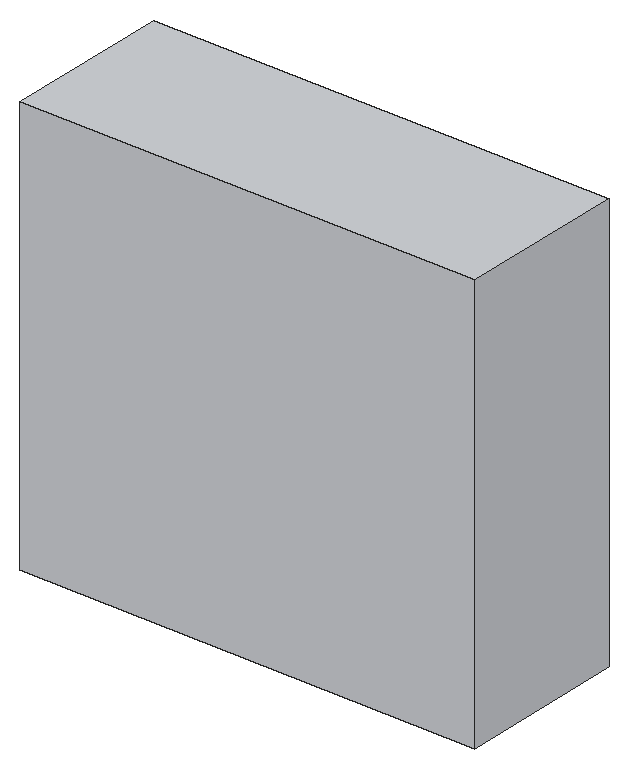
Revit family "EQM-CONDENSADORA_RETANGULAR-SPLIT-P7000_60000BTU", category Equipamento mecânico, Revit 2025
Family settings
  Cota do conector redondo = Utilizar diâmetro
  Classificação = Nenhum
  Tipo de parte = Normal
  Com base no plano de trabalho = Não
  Sempre na vertical = Sim
  Corte com vazios quando carregada = Não
  Manter orientação da anotação = Não
  Compartilhado = Não
  Ponto de cálculo do ambiente = Não
Parameters
  Profundidade = 330 mm
  Largura = 900 mm
  Elevação padrão = 0 mm
  Comprimento = 560 mm
  Altura = 830 mm
Reference planes
  plane 1 "Center (Front/Back)": y = 0
  plane 2: z = 0
  plane 3 "Center (Left/Right)": x = 0
  plane 4 "Largura Total B": x = -450
  plane 5 "Largura Total A": x = 450
  plane 6 "Profundidade Total B": y = 165
  plane 7 "Profundidade Total A": y = -165
  plane 8 "Altura Total": z = 830
Forms (mm)
  Extrusion 1, solid
    sketch origin (0, 0, 0) x (1, 0, 0) y (0, 1, 0)
      loop
        line (-450, 165) -> (-450, -165) -> (450, -165) -> (450, 165) -> (-450, 165)
    from 0 to 830
Dimensions and locks
  equal spacing: plane 4 "Largura Total B", plane 3 "Center (Left/Right)", plane 5 "Largura Total A"
  "Largura": plane 4 "Largura Total B" to plane 5 "Largura Total A"
  equal spacing: plane 6 "Profundidade Total B", plane 1 "Center (Front/Back)", plane 7 "Profundidade Total A"
  "Profundidade": plane 6 "Profundidade Total B" to plane 7 "Profundidade Total A"
  "Altura": plane 8 "Altura Total" to level
  aligned and locked: level to plane 2
  aligned and locked: plane 6 "Profundidade Total B" to Extrusion 1
  aligned and locked: Extrusion 1 to plane 7 "Profundidade Total A"
  aligned and locked: Extrusion 1 to plane 5 "Largura Total A"
  aligned and locked: Extrusion 1 to plane 4 "Largura Total B"
  aligned and locked: plane 8 "Altura Total" to Extrusion 1
Automatic sketch dimensions
  Extrusion 1 sketch curve to plane 4 "Largura Total B" = 0 mm
  Extrusion 1 sketch curve to plane 5 "Largura Total A" = 0 mm
  plane 7 "Profundidade Total A" to Extrusion 1 sketch curve = 0 mm
  Extrusion 1 sketch curve to plane 6 "Profundidade Total B" = 0 mm
